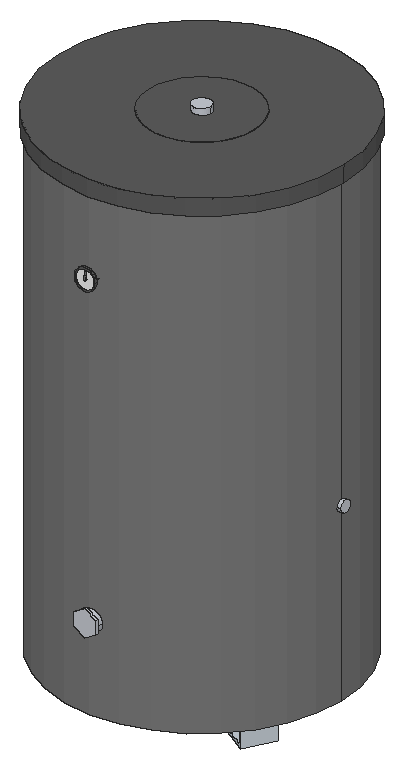
Revit family "Бойлер косвенного нагрева_INOX Coil Tube S_FedericaBugatti_R20", category Оборудование, Revit 2020
Family settings
  Размер круглого соединителя = Использовать диаметр
  Классификация = Нет
  Тип детали = Нормальный
  На основе рабочей плоскости = Нет
  Всегда вертикально = Да
  При загрузке вырезать с полостями = Нет
  Общий = Нет
  Точка расчета площади = Да
Parameters (values of type "INOXCoilTube_S160A480")
  УказательТемпературы_Высота = 802 mm
  ТЭН_Высота = 212 mm
  Патрубки_Высота = 10 mm  # constant formula
  Отметка по умолчанию = 0 mm
  Номинальный_Объем = 150
  Материал_Термометр = ADSK_Полимеры_Пластик белый
  Материал_Патрубки = ADSK_Металл_Сталь нержавеющая
  Материал_Ножки = ADSK_Металл_Сталь оцинкованная
  Материал_ВнешняяСтенка = ADSK_Полимеры_Пластик черный
  Материал_КорпусВерх = ADSK_Металл_Окрашенный_Черный темный
  Корпус_Диаметр2 = ADSK_Размер_ДиаметрИзделия - 6 mm  # 545 mm
  Корпус_Диаметр = Корпус_Диаметр2 - 10 mm  # 535 mm
  ДатчикТемпературы_Видимость [instance] = yes
  ГайкаТЭН_Видимость [instance] = yes
  L5 = 801.5 mm
  L4 = 731.5 mm
  L3 = 501.5 mm
  L2 = 271.5 mm
  L1 = 201.5 mm
  ADSK_Расход жидкости [instance] = 0.0 L/s
  ADSK_Размер_ДиаметрИзделия = 551 mm  # constant formula
  ADSK_Размер_Диаметр = 20 mm  # constant formula
  ADSK_Размер_Высота = 981 mm
  ADSK_Примечание [instance] = ""
  ADSK_Полная мощность = ADSK_Номинальная мощность / ADSK_Коэффициент мощности  # 22000 VA
  ADSK_Позиция [instance] = ""
  ADSK_Обозначение = ""
  ADSK_Номинальная мощность = 22000 W  # constant formula
  ADSK_Напряжение = 230 V  # constant formula
  ADSK_Наименование = "Бойлер косвенного нагрева INOX Coil Tube S160A480"
  ADSK_Масса_Текст = "28"
  ADSK_Масса = 28
  ADSK_Марка = "INOX Coil Tube S160A480"
  ADSK_Коэффициент мощности = 1  # constant formula
  ADSK_Количество фаз = 1
  ADSK_Количество = 1  # constant formula
  ADSK_Код изделия = ""
  ADSK_Классификация нагрузок = Прочее
  ADSK_Завод-изготовитель = "Federica Bugatti"  # constant formula
  ADSK_Единица измерения = "шт"  # constant formula
Types (4, lengths in mm): name | УказательТемпературы_Высота | ТЭН_Высота | Номинальный_Объем | L5 | L4 | L3 | L2 | ADSK_Размер_Высота | ADSK_Наименование | ADSK_Масса_Текст | ADSK_Масса | ADSK_Марка
  (no name) | 802 | 212 | 150 | 801.5 | 731.5 | 501.5 | 271.5 | 981 | "Бойлер косвенного нагрева INOX Coil Tube S160A480" | "28" | 28 | "INOX Coil Tube S160A480"
  INOXCoilTube_S160A480 | 802 | 212 | 150 | 801.5 | 731.5 | 501.5 | 271.5 | 981 | "Бойлер косвенного нагрева INOX Coil Tube S160A480" | "28" | 28 | "INOX Coil Tube S160A480"
  INOXCoilTube_S220A480 | 1081.5 | 211.5 | 200 | 1101.5 | 761.5 | 531.5 | 301.5 | 1281 | "Бойлер косвенного нагрева INOX Coil Tube S220A480" | "33" | 33 | "INOX Coil Tube S220A480"
  INOXCoilTube_S270A480 | 1351 | 211.5 | 250 | 1351.5 | 761.5 | 531.5 | 301.5 | 1531 | "Бойлер косвенного нагрева INOX Coil Tube S270A480" | "38" | 38 | "INOX Coil Tube S270A480"
Reference planes
  plane 1 "По центру (Вперед/Назад)": y = 0
  plane 2: z = 0
  plane 3 "По центру (Влево/Вправо)": x = 0
  plane 4: x = -275.5
  plane 5: x = 275.5
  plane 6: y = 274.8
  plane 7: y = -276.2
  plane 8: z = 971
  plane 9: z = 941
  plane 10: z = 981
  plane 11: z = 966
  plane 12: y = 242.5
  plane 13: y = 217.5
  plane 14: z = 50
  plane 15: z = 150
  plane 16: y = 267.5
  plane 17: y = -267.5
  plane 18: z = 490.5
  plane 19: z = 801.5
  plane 20: z = 201.5
  plane 21: z = 731.5
  plane 22: z = 501.5
  plane 23: z = 271.5
  plane 24: y = -272.5
  plane 25: z = 212
  plane 26: x = 265.5
  plane 27: z = 802
  plane 28: y = -221.2
  plane 29: y = -280.2
  plane 30: z = 386.5
Forms (mm)
  Extrusion 1, solid, material "ADSK_Полимеры_Пластик черный" <- "Материал_ВнешняяСтенка"
    sketch origin (0, 0, 0) x (1, 0, 0) y (0, 1, 0)
      loop
        circle (0, 0) r 267.5
    from 50 to 941
  Extrusion 2, solid, material "ADSK_Металл_Окрашенный_Черный темный" <- "Материал_КорпусВерх"
    sketch origin (0, 0, 0) x (1, 0, 0) y (0, 1, 0)
      loop
        circle (0, 0) r 272.5
    from 941 to 971
  Extrusion 3, solid, material "ADSK_Металл_Окрашенный_Черный темный" <- "Материал_КорпусВерх"
    sketch origin (0, 0, 0) x (1, 0, 0) y (0, 1, 0)
      loop
        circle (0, 0) r 100
    from 966 to 971
  Extrusion 4, solid, material "ADSK_Полимеры_Пластик черный" <- "Материал_ВнешняяСтенка"
    sketch origin (0, 0, 0) x (1, 0, 0) y (0, 0, 1)
      loop
        circle (0, 150) r 1.5
    from -267.5 to -264.5
  Extrusion 5, solid, material "ADSK_Металл_Сталь нержавеющая" <- "Материал_Патрубки"
    sketch origin (0, 0, 0) x (1, 0, 0) y (0, 1, 0)
      loop
        circle (0, 0) r 16.75
    from 490.5 to 981
  Extrusion 6, solid, material "ADSK_Металл_Сталь нержавеющая" <- "Материал_Патрубки"
    sketch origin (0, 0, 0) x (1, 0, 0) y (0, 0, 1)
      loop
        circle (0, 801.5) r 13.4
      loop
        circle (0, 731.5) r 13.4
      loop
        circle (0, 501.5) r 13.4
      loop
        circle (0, 271.5) r 13.4
      loop
        circle (0, 201.5) r 13.4
    from -274.8 to -242.5
  Extrusion 7, solid, material "ADSK_Металл_Сталь нержавеющая" <- "Материал_Патрубки"
    sketch origin (0, 0, 0) x (1, 0, 0) y (0, 0, 1)
      loop
        circle (0, 802) r 10.65
    from 221.2 to 276.2
  Extrusion 8, solid, material "ADSK_Металл_Сталь оцинкованная" <- "Материал_Ножки"
    sketch origin (0, -20, 0) x (0, 1, 0) y (0, 0, 1)
      loop
        line (257.5, 5) -> (257.5, 50) -> (187.5, 50) -> (187.5, 5) -> (257.5, 5)
      loop
        line (252.5, 10) -> (252.5, 45) -> (192.5, 45) -> (192.5, 10) -> (252.5, 10)
    from -30 to 30
  Extrusion 9, solid, material "ADSK_Металл_Окрашенный_Черный темный" <- "Материал_КорпусВерх"
    sketch origin (0, -20, 0) x (1, 0, 0) y (0, 1, 0)
      loop
        circle (0, 222.5) r 25
    from 0 to 5
  Extrusion 10, solid, material "ADSK_Металл_Окрашенный_Черный темный" <- "Материал_КорпусВерх"
    sketch origin (0, -20, 0) x (1, 0, 0) y (0, 1, 0)
      loop
        circle (0, 222.5) r 5
    from 0 to 50
  Extrusion 11, solid, material "ADSK_Металл_Сталь оцинкованная" <- "Материал_Ножки"
    sketch origin (-17.321, 10, 0) x (0.866025, -0.5, 0) y (0, 0, 1)
      loop
        line (257.5, 5) -> (257.5, 50) -> (187.5, 50) -> (187.5, 5) -> (257.5, 5)
      loop
        line (252.5, 10) -> (252.5, 45) -> (192.5, 45) -> (192.5, 10) -> (252.5, 10)
    from -30 to 30
  Extrusion 12, solid, material "ADSK_Металл_Окрашенный_Черный темный" <- "Материал_КорпусВерх"
    sketch origin (-17.321, 10, 0) x (-0.5, -0.866025, 0) y (0.866025, -0.5, 0)
      loop
        circle (0, 222.5) r 25
    from 0 to 5
  Extrusion 13, solid, material "ADSK_Металл_Окрашенный_Черный темный" <- "Материал_КорпусВерх"
    sketch origin (-17.321, 10, 0) x (-0.5, -0.866025, 0) y (0.866025, -0.5, 0)
      loop
        circle (0, 222.5) r 5
    from 0 to 50
  Extrusion 14, solid, material "ADSK_Металл_Сталь оцинкованная" <- "Материал_Ножки"
    sketch origin (17.321, 10, 0) x (-0.866025, -0.5, 0) y (0, 0, 1)
      loop
        line (257.5, 5) -> (257.5, 50) -> (187.5, 50) -> (187.5, 5) -> (257.5, 5)
      loop
        line (252.5, 10) -> (252.5, 45) -> (192.5, 45) -> (192.5, 10) -> (252.5, 10)
    from -30 to 30
  Extrusion 15, solid, material "ADSK_Металл_Окрашенный_Черный темный" <- "Материал_КорпусВерх"
    sketch origin (17.321, 10, 0) x (-0.5, 0.866025, 0) y (-0.866025, -0.5, 0)
      loop
        circle (0, 222.5) r 25
    from 0 to 5
  Extrusion 16, solid, material "ADSK_Металл_Окрашенный_Черный темный" <- "Материал_КорпусВерх"
    sketch origin (17.321, 10, 0) x (-0.5, 0.866025, 0) y (-0.866025, -0.5, 0)
      loop
        circle (0, 222.5) r 5
    from 0 to 50
  Extrusion 17, solid, material "ADSK_Металл_Окрашенный_Черный темный" <- "Материал_КорпусВерх", visible <- "ДатчикТемпературы_Видимость"
    sketch origin (0, 0, 0) x (1, 0, 0) y (0, 0, 1)
      loop
        circle (0, 802) r 20
      loop
        circle (0, 802) r 18
    from 276.2 to 280.2
  Extrusion 18, solid, material "ADSK_Металл_Сталь нержавеющая" <- "Материал_Патрубки"
    sketch origin (0, 0, -729) x (1, 0, 0) y (0, 0, 1)
      loop
        circle (0, 941) r 21.15
    from 221.2 to 276.2
  Extrusion 19, solid, material "ADSK_Металл_Сталь нержавеющая" <- "Материал_Патрубки", visible <- "ГайкаТЭН_Видимость"
    sketch origin (0, 0, 0) x (1, 0, 0) y (0, 0, 1)
      loop
        line (0, 187.578) -> (21.15, 199.789) -> (21.15, 224.211) -> (0, 236.422) -> (-21.15, 224.211) -> (-21.15, 199.789) -> (0, 187.578)
    from 276.2 to 280.2
  Extrusion 20, solid, material "ADSK_Полимеры_Пластик черный" <- "Материал_ВнешняяСтенка", visible <- "ДатчикТемпературы_Видимость"
    sketch origin (0, -15, 0) x (1, 0, 0) y (0, 0, 1)
      loop
        arc (-1.402, 803.426) -> (-0.045, 800.001) -> (1.466, 803.361) r 2
        line (1.466, 803.361) -> (0, 815.297) -> (-1.402, 803.426)
    from 265.2 to 263.872
  Extrusion 21, solid, material "ADSK_Полимеры_Пластик белый" <- "Материал_Термометр", visible <- "ДатчикТемпературы_Видимость"
    sketch origin (0, -95.894, 0) x (1, 0, 0) y (0, 0, 1)
      loop
        circle (0, 802) r 18
    from 180.306 to 182.978
  Extrusion 22, solid, material "ADSK_Металл_Сталь нержавеющая" <- "Материал_Патрубки"
    sketch origin (-0.7, 3.393, 0) x (0, 1, 0) y (0, 0, 1)
      loop
        circle (-3.393, 386.5) r 10.65
    from 221.2 to 276.2
Dimensions and locks
  equal spacing: plane 4, plane 3 "По центру (Влево/Вправо)", plane 5
  "ADSK_Размер_ДиаметрИзделия": plane 4 to plane 5
  locked: plane 8 to plane 9 at 30
  "Патрубки_Высота": plane 10 to plane 8
  locked: plane 8 to plane 11 at 5
  plane 12 to plane 13 = 25 mm
  plane 14 to plane 2 = 50 mm
  "ADSK_Размер_Высота": plane 10 to plane 2
  locked: plane 15 to plane 14 at 100
  "Корпус_Диаметр": plane 16 to plane 17
  equal spacing: plane 16, plane 1 "По центру (Вперед/Назад)", plane 17
  equal spacing: plane 10, plane 18, plane 2
  locked: plane 17 to plane 24 at 5
  locked: plane 7 to plane 24 at 3.7
  plane 13 to plane 16 = 50 mm
  equal spacing: plane 16, plane 12, plane 13
  locked: plane 26 to plane 5 at 10
  equal spacing: Extrusion 8, plane 3 "По центру (Влево/Вправо)", Extrusion 8
  locked: Extrusion 8 to Extrusion 8 at 60
  locked: Extrusion 11 to Extrusion 11 at 60
  locked: Extrusion 14 to Extrusion 14 at 60
  locked: plane 28 to plane 7 at 55
  locked: Extrusion 19 sketch curve to Extrusion 19 sketch curve at 42.3  (x3)
  equal spacing: Extrusion 19 sketch curve, plane 25, Extrusion 19 sketch curve
  equal spacing: Extrusion 19 sketch curve, plane 3 "По центру (Влево/Вправо)", Extrusion 19 sketch curve
  locked: plane 16 to Extrusion 4 at 3
  "ТЭН_Высота": plane 25 to plane 2
  "УказательТемпературы_Высота": plane 27 to plane 2
  locked: plane 7 to plane 29 at 4
  plane 27 to Extrusion 20 sketch curve = 13.297 mm
  "L1": plane 20 to plane 2
  "L2": plane 23 to plane 2
  "L3": plane 22 to plane 2
  "L4": plane 21 to plane 2
  "L5": plane 19 to plane 2
  plane 16 to plane 6 = 7.3 mm
  "ADSK_Размер_ДиаметрИзделия": plane 7 to plane 6
  equal spacing: plane 22, plane 30, plane 23
  "Корпус_Диаметр": diameter of Extrusion 1 sketch curve
  "Корпус_Диаметр2": diameter of Extrusion 2 sketch curve
  diameter of Extrusion 3 sketch curve = 200 mm
  diameter of Extrusion 4 sketch curve = 3 mm
  diameter of Extrusion 5 sketch curve = 33.5 mm
  diameter of Extrusion 6 sketch curve = 26.8 mm  (x5)
  diameter of Extrusion 7 sketch curve = 21.3 mm
  diameter of Extrusion 18 sketch curve = 42.3 mm
  diameter of Extrusion 22 sketch curve = 21.3 mm
  locked: Extrusion 19 sketch curve to Extrusion 19 sketch curve (angle 120.00°)  (x4)
  aligned and locked: level to plane 2
  aligned and locked: plane 1 "По центру (Вперед/Назад)" to Extrusion 1 sketch curve
  aligned and locked: plane 3 "По центру (Влево/Вправо)" to Extrusion 1 sketch curve
  aligned and locked: plane 1 "По центру (Вперед/Назад)" to Extrusion 2 sketch curve
  aligned and locked: plane 3 "По центру (Влево/Вправо)" to Extrusion 2 sketch curve
  aligned and locked: Extrusion 1 to plane 9
  aligned and locked: plane 8 to Extrusion 2
  aligned and locked: plane 9 to Extrusion 2
  aligned and locked: plane 1 "По центру (Вперед/Назад)" to Extrusion 3 sketch curve
  aligned and locked: plane 3 "По центру (Влево/Вправо)" to Extrusion 3 sketch curve
  aligned and locked: plane 8 to Extrusion 3
  aligned and locked: plane 11 to Extrusion 3
  aligned and locked: plane 14 to Extrusion 1
  aligned and locked: plane 15 to Extrusion 4 sketch curve
  aligned and locked: plane 3 "По центру (Влево/Вправо)" to Extrusion 4 sketch curve
  aligned and locked: Extrusion 4 to plane 16  (x2)
  aligned and locked: plane 18 to Extrusion 5
  aligned and locked: plane 10 to Extrusion 5
  aligned and locked: plane 19 to Extrusion 6 sketch curve
  aligned and locked: plane 21 to Extrusion 6 sketch curve
  aligned and locked: plane 22 to Extrusion 6 sketch curve
  aligned and locked: plane 23 to Extrusion 6 sketch curve
  aligned and locked: plane 20 to Extrusion 6 sketch curve
  aligned and locked: plane 3 "По центру (Влево/Вправо)" to Extrusion 6 sketch curve  (x5)
  aligned and locked: plane 3 "По центру (Влево/Вправо)" to Extrusion 7 sketch curve
  aligned and locked: plane 12 to Extrusion 6
  aligned and locked: plane 6 to Extrusion 6
  aligned and locked: Extrusion 9 to Extrusion 8
  aligned and locked: Extrusion 9 to level
  aligned and locked: Extrusion 10 to Extrusion 1
  aligned and locked: Extrusion 10 to level
  aligned and locked: Extrusion 12 to Extrusion 11
  aligned and locked: Extrusion 15 to Extrusion 14
  aligned and locked: plane 3 "По центру (Влево/Вправо)" to Extrusion 17 sketch curve  (x2)
  aligned and locked: plane 27 to Extrusion 17 sketch curve  (x2)
  aligned and locked: plane 27 to Extrusion 7 sketch curve
  aligned and locked: plane 25 to Extrusion 18 sketch curve
  aligned and locked: plane 3 "По центру (Влево/Вправо)" to Extrusion 18 sketch curve
  aligned and locked: Extrusion 18 to plane 28
  aligned and locked: Extrusion 7 to plane 28
  aligned and locked: plane 3 "По центру (Влево/Вправо)" to Extrusion 19 sketch curve  (x2)
  aligned and locked: plane 25 to Extrusion 18
  aligned and locked: plane 7 to Extrusion 7
  aligned and locked: Extrusion 17 to plane 7
  aligned and locked: Extrusion 17 to plane 29
  aligned and locked: Extrusion 21 to plane 7
  aligned and locked: Extrusion 20 to Extrusion 21
  aligned and locked: Extrusion 20 to plane 29
  aligned and locked: Extrusion 19 to plane 29
  aligned and locked: Extrusion 19 to plane 7
  aligned and locked: plane 7 to Extrusion 18
  aligned and locked: plane 27 to Extrusion 21 sketch curve
  aligned and locked: plane 3 "По центру (Влево/Вправо)" to Extrusion 21 sketch curve
  aligned and locked: plane 27 to Extrusion 20 sketch curve
  aligned and locked: plane 3 "По центру (Влево/Вправо)" to Extrusion 20 sketch curve
  aligned and locked: plane 30 to Extrusion 22 sketch curve
  aligned and locked: plane 1 "По центру (Вперед/Назад)" to Extrusion 22 sketch curve
  aligned and locked: Extrusion 22 to plane 5
Automatic sketch dimensions
  Extrusion 8 sketch curve to Extrusion 8 sketch curve = 5 mm  (x4)
  Extrusion 8 sketch curve to Extrusion 8 sketch curve = 60 mm
  Extrusion 8 sketch curve to Extrusion 8 sketch curve = 35 mm
  Extrusion 11 sketch curve to Extrusion 11 sketch curve = 5 mm  (x4)
  Extrusion 11 sketch curve to Extrusion 11 sketch curve = 60 mm
  Extrusion 11 sketch curve to Extrusion 11 sketch curve = 35 mm
  Extrusion 14 sketch curve to Extrusion 14 sketch curve = 5 mm  (x4)
  Extrusion 14 sketch curve to Extrusion 14 sketch curve = 60 mm
  Extrusion 14 sketch curve to Extrusion 14 sketch curve = 35 mm
  plane 1 "По центру (Вперед/Назад)" to Extrusion 5 sketch curve = 0 mm
  Extrusion 5 sketch curve to plane 3 "По центру (Влево/Вправо)" = 0 mm
  Extrusion 20 sketch curve to plane 3 "По центру (Влево/Вправо)" = 0 mm
  Extrusion 20 sketch curve to plane 3 "По центру (Влево/Вправо)" = 1.402 mm
  plane 3 "По центру (Влево/Вправо)" to Extrusion 20 sketch curve = 1.466 mm
  Extrusion 20 sketch curve to plane 27 = 1.361 mm
  radius of Extrusion 9 sketch curve = 25 mm
  radius of Extrusion 10 sketch curve = 5 mm
  radius of Extrusion 12 sketch curve = 25 mm
  radius of Extrusion 13 sketch curve = 5 mm
  radius of Extrusion 15 sketch curve = 25 mm
  radius of Extrusion 16 sketch curve = 5 mm
  radius of Extrusion 17 sketch curve = 20 mm
  radius of Extrusion 17 sketch curve = 18 mm
  radius of Extrusion 21 sketch curve = 18 mm
Connectors
  electrical at (0, 267.5, 150), driven by "ADSK_Количество фаз", driven by "ADSK_Классификация нагрузок", driven by "ADSK_Напряжение", driven by "ADSK_Полная мощность", driven by "ADSK_Коэффициент мощности"
    settings: on Extrusion 4, index 1, voltage 230 V, apparent load 22000 VA, apparent load phase1 0 VA, apparent load phase2 0 VA, apparent load phase3 0 VA, power factor 1, load classification "Прочее", number of poles 1, system type 30, power factor state 1, is connector primary yes, connector utility no, sub classification motor no, connector description ""
  piping at (0, 274.8, 801.5), diameter 20, driven by "ADSK_Расход жидкости", driven by "ADSK_Размер_Диаметр"
    settings: on Extrusion 6, index 2, connector inside diameter 609.6 mm, connector length 0 mm, flow factor 0, pipe flow 0.0 L/s, pressure drop 0.0 Pa, fitting loss kfactor 0, connector angle 0.00°, fixture units 0, engagement length 0 mm, angle of deflection 0.00°, flow configuration 0, flow direction 2, fitting loss method 0, system type 19, joint type 0, gender type 0, connector reference index 6, connector utility 0, adjustable connector no, is connector primary no, connector description "Выход ГВС"
  piping at (0, 274.8, 731.5), diameter 20, driven by "ADSK_Размер_Диаметр"
    settings: on Extrusion 6, index 3, connector inside diameter 609.6 mm, connector length 0 mm, flow factor 0, pipe flow 0.0 L/s, pressure drop 0.0 Pa, fitting loss kfactor 0, connector angle 0.00°, fixture units 0, engagement length 0 mm, angle of deflection 0.00°, flow configuration 0, flow direction 1, fitting loss method 0, system type 29, joint type 0, gender type 0, connector reference index 5, connector utility 0, adjustable connector no, is connector primary no, connector description "От котла"
  piping at (0, 274.8, 501.5), diameter 20, driven by "ADSK_Размер_Диаметр"
    settings: on Extrusion 6, index 4, connector inside diameter 609.6 mm, connector length 0 mm, flow factor 0, pipe flow 0.0 L/s, pressure drop 0.0 Pa, fitting loss kfactor 0, connector angle 0.00°, fixture units 0, engagement length 0 mm, angle of deflection 0.00°, flow configuration 0, flow direction 1, fitting loss method 0, system type 7, joint type 0, gender type 0, connector reference index -1, connector utility 0, adjustable connector no, is connector primary no, connector description "Рециркуляция"
  piping at (0, 274.8, 271.5), diameter 20, driven by "ADSK_Размер_Диаметр"
    settings: on Extrusion 6, index 5, connector inside diameter 609.6 mm, connector length 0 mm, flow factor 0, pipe flow 0.0 L/s, pressure drop 0.0 Pa, fitting loss kfactor 0, connector angle 0.00°, fixture units 0, engagement length 0 mm, angle of deflection 0.00°, flow configuration 0, flow direction 2, fitting loss method 0, system type 29, joint type 0, gender type 0, connector reference index 3, connector utility 0, adjustable connector no, is connector primary no, connector description "К котлу"
  piping at (0, 274.8, 201.5), diameter 20, driven by "ADSK_Расход жидкости", driven by "ADSK_Размер_Диаметр"
    settings: on Extrusion 6, index 6, connector inside diameter 609.6 mm, connector length 0 mm, flow factor 0, pipe flow 0.0 L/s, pressure drop 0.0 Pa, fitting loss kfactor 0, connector angle 0.00°, fixture units 0, engagement length 0 mm, angle of deflection 0.00°, flow configuration 0, flow direction 1, fitting loss method 0, system type 20, joint type 0, gender type 0, connector reference index 2, connector utility 0, adjustable connector no, is connector primary yes, connector description "Вход ХВС"
  piping at (0, -276.2, 802), diameter 15
    settings: on Extrusion 7, index 7, connector inside diameter 609.6 mm, connector length 0 mm, flow factor 0, pipe flow 0.0 L/s, pressure drop 0.0 Pa, fitting loss kfactor 0, connector angle 0.00°, fixture units 0, engagement length 0 mm, angle of deflection 0.00°, flow configuration 0, flow direction 0, fitting loss method 0, system type 28, joint type 0, gender type 0, connector reference index -1, connector utility 0, adjustable connector no, is connector primary no, connector description "Муфта указателя температуры"
  piping at (0, -276.2, 212), diameter 32
    settings: on Extrusion 18, index 8, connector inside diameter 609.6 mm, connector length 0 mm, flow factor 0, pipe flow 0.0 L/s, pressure drop 0.0 Pa, fitting loss kfactor 0, connector angle 0.00°, fixture units 0, engagement length 0 mm, angle of deflection 0.00°, flow configuration 0, flow direction 0, fitting loss method 0, system type 29, joint type 0, gender type 0, connector reference index -1, connector utility 0, adjustable connector no, is connector primary no, connector description "Муфта ТЭН"
  piping at (275.5, 0, 386.5), diameter 15
    settings: on Extrusion 22, index 9, connector inside diameter 609.6 mm, connector length 0 mm, flow factor 0, pipe flow 0.0 L/s, pressure drop 0.0 Pa, fitting loss kfactor 0, connector angle 0.00°, fixture units 0, engagement length 0 mm, angle of deflection 0.00°, flow configuration 0, flow direction 0, fitting loss method 0, system type 29, joint type 0, gender type 0, connector reference index -1, connector utility 0, adjustable connector no, is connector primary no, connector description ""
